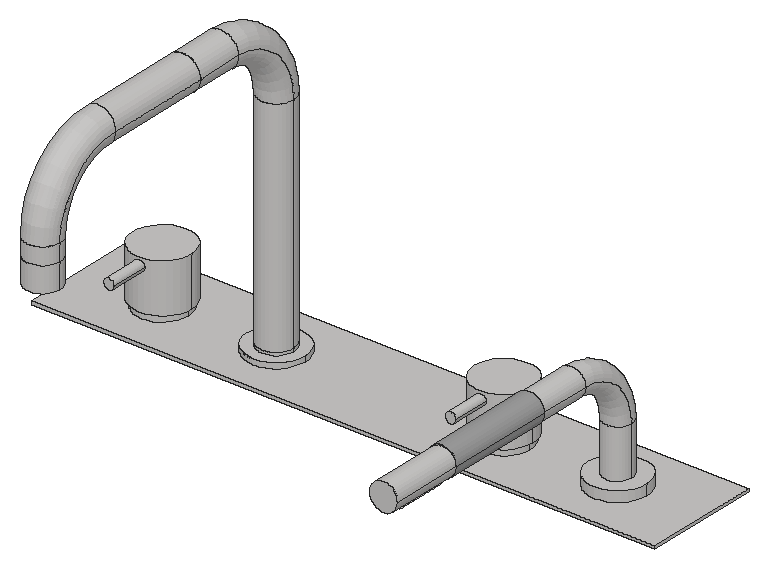
Revit family "BK10", category Generic Models, Revit 2021
Family settings
  Can host rebar = No
  Round Connector Dimension = Use Diameter
  Part Type = Normal
  Work Plane-Based = No
  Always vertical = Yes
  Cut with Voids When Loaded = No
  Shared = No
  Room Calculation Point = No
Parameters (values of type "Standard")
  e-mail = "info@vola.com"
  URL = "http://vola.com"
  Telephone = "+45 7023 5500"
  Quality management standard = "ISO 9001"
  Organisation no. / DUNS no. = "17531328"
  Occupational health and safety management standard = "ISO 18001"
  Mounting Instructions = "http://vola.com/service/producturl.ashx?name=BK10"
  Model = "BK10"
  Materials and components information = "http://vola.com/service/producturl.ashx?name=BK10"
  Manufacturer = "VOLA A/S"
  Maintenance Instructions = "http://vola.com/service/producturl.ashx?name=BK10"
  Guarantee = "2 years"
  Flow = "30,00 l/min"
  Environmental management standard = "ISO 14000"
  Default Elevation = 0.0000 mm
  Connection - All relevant connections = "½\" flexible hose"
  Approvals = "http://vola.com/service/producturl.ashx?name=BK10"
Reference planes
  plane 1 "Center (Front/Back)": y = 0
  plane 2: z = 0
  plane 3 "Center (Left/Right)": x = 0
Forms (mm)
  Extrusion 1, solid, material "Stainless Steel"
    sketch origin (117, 0, 6.5) x (1, 0, 0) y (0, 1, 0)
      loop
        line (-330.5, 40) -> (-330.5, -40) -> (96.5, -40) -> (96.5, 40) -> (-330.5, 40)
    from -6.5 to -4.5
  Extrusion 2, solid, material "Stainless Steel"
    sketch origin (78, 0, 0) x (1, 0, 0) y (0, 1, 0)
      loop
        circle (0, 0) r 20
    from 7 to 40.5
  Extrusion 3, solid, material "Stainless Steel"
    sketch origin (78, 0, 0) x (1, 0, 0) y (0, 1, 0)
      loop
        circle (0, 0) r 18
    from 2 to 7
  Extrusion 4, solid, material "Stainless Steel"
    sketch origin (78, 0, 0.75) x (1, 0, 0) y (0, 0, 1)
      loop
        circle (0, 34.5) r 3.5
    from 19 to 45.5
  Extrusion 5, solid, material "Stainless Steel"
    sketch origin (-78, 0, 2) x (1, 0, 0) y (0, 1, 0)
      loop
        circle (0, 0) r 20
    from 0 to 3.5
  Extrusion 6, solid, material "Stainless Steel"
    sketch origin (-78, 0, 5.5) x (1, 0, 0) y (0, 1, 0)
      loop
        circle (0, 0) r 12
    from 0 to 2
  Sweep 7, solid, material "Stainless Steel"
    path origin (-78, 0, 0) x (0, 1, 0) y (0, 0, 1)
      loop
        line (0, 7.5) -> (0, 160)
        arc (0, 160) -> (-13.912, 193.588) -> (-47.5, 207.5) r 47.5
        line (-47.5, 207.5) -> (-80, 207.5)
    profile origin (-78, 0, 83.75) x (0, -1, 0) y (1, 0, 0)
      loop
        circle (0, 0) r 12
  Sweep 8, solid, material "Stainless Steel"
    path origin (-78, 0, 0) x (0, 1, 0) y (0, 0, 1)
      loop
        line (-80, 207.5) -> (-152.5, 207.5)
        arc (-152.5, 207.5) -> (-186.088, 193.588) -> (-200, 160) r 47.5
        line (-200, 160) -> (-200, 148.5)
    profile origin (-78, -116.25, 207.5) x (0, 0, -1) y (1, 0, 0)
      loop
        circle (0, 0) r 12
  Extrusion 9, solid, material "Stainless Steel"
    sketch origin (-78, -200, 148.5) x (0, -1, 0) y (-1, 0, 0)
      loop
        circle (0, 0) r 12
    from 0 to 17.2
  Extrusion 10, solid, material "Stainless Steel"
    sketch origin (-156, 0, 0) x (1, 0, 0) y (0, 1, 0)
      loop
        circle (0, 0) r 20
    from 7 to 40.5
  Extrusion 11, solid, material "Stainless Steel"
    sketch origin (-156, 0, 0) x (1, 0, 0) y (0, 1, 0)
      loop
        circle (0, 0) r 18
    from 2 to 7
  Extrusion 12, solid, material "Stainless Steel"
    sketch origin (-156, 0, 0.75) x (1, 0, 0) y (0, 0, 1)
      loop
        circle (0, 34.5) r 3.5
    from 19 to 45.5
  Extrusion 13, solid, material "Stainless Steel"
    sketch origin (156, 0, 2) x (1, 0, 0) y (0, 1, 0)
      loop
        circle (0, 0) r 20
    from 0 to 7
  Sweep 14, solid, material "Stainless Steel"
    path origin (156, 0, 2) x (0, 1, 0) y (0, 0, 1)
      loop
        line (0, 7) -> (0, 40.5)
        arc (0, 40.5) -> (-11.569, 68.431) -> (-39.5, 80) r 39.5
        line (-39.5, 80) -> (-75.5, 80)
    profile origin (156, 0, 25.75) x (0, -1, 0) y (1, 0, 0)
      loop
        circle (0, 0) r 9.5
  Extrusion 15, solid, material "Grey Coating"
    sketch origin (156, -75.5, 82) x (1, 0, 0) y (0, 0, 1)
      loop
        circle (0, 0) r 10
    from 0 to 75
  Extrusion 16, solid, material "Stainless Steel"
    sketch origin (156, -150.5, 82) x (1, 0, 0) y (0, 0, 1)
      loop
        circle (0, 0) r 9.5
    from 0 to 50
  Extrusion 17, solid, material "Stainless Steel"
    sketch origin (156, 9.25, 64.884) x (1, 0, 0) y (0, 1, 0)
      loop
        circle (0, -200.45) r 1.225
      loop
        circle (0, -195.95) r 1.225
      loop
        circle (0, -191.45) r 1.225
      loop
        circle (0, -186.95) r 1.225
      loop
        circle (0, -182.45) r 1.225
      loop
        circle (0, -177.95) r 1.225
      loop
        circle (0, -173.45) r 1.225
      loop
        circle (0, -168.95) r 1.225
    from 7.116 to 10.217
  Extrusion 18, solid, material "Stainless Steel"
    sketch origin (164.298, 9.25, 67.03) x (-0.87462, 0, -0.48481) y (0, -1, 0)
      loop
        circle (0, 200.45) r 1.225
      loop
        circle (0, 195.95) r 1.225
      loop
        circle (0, 191.45) r 1.225
      loop
        circle (0, 186.95) r 1.225
      loop
        circle (0, 182.45) r 1.225
      loop
        circle (0, 177.95) r 1.225
      loop
        circle (0, 173.45) r 1.225
      loop
        circle (0, 168.95) r 1.225
    from 7.116 to 10.217
  Extrusion 19, solid, material "Stainless Steel"
    sketch origin (147.702, 9.25, 67.03) x (0.87462, 0, -0.48481) y (0, 1, 0)
      loop
        circle (0, -200.45) r 1.225
      loop
        circle (0, -195.95) r 1.225
      loop
        circle (0, -191.45) r 1.225
      loop
        circle (0, -186.95) r 1.225
      loop
        circle (0, -182.45) r 1.225
      loop
        circle (0, -177.95) r 1.225
      loop
        circle (0, -173.45) r 1.225
      loop
        circle (0, -168.95) r 1.225
    from 7.116 to 10.217
Cuts and joins
  joined: Extrusion 10, Extrusion 12
  joined: Extrusion 2, Extrusion 4
  joined: Extrusion 16, Extrusion 17, Extrusion 18, Extrusion 19
Lines and regions (mm)
  model lines
    curve 1: line (84.05, 19.141, 40.5) -> (84.05, -19.141, 40.5)
    curve 2: line (71.95, 19.141, 40.5) -> (71.95, -19.141, 40.5)
    curve 3: line (-149.95, 19.141, 40.5) -> (-149.95, -19.141, 40.5)
    curve 4: line (-162.05, 19.141, 40.5) -> (-162.05, -19.141, 40.5)
Dimensions and locks
  aligned and locked: plane 2 to level
